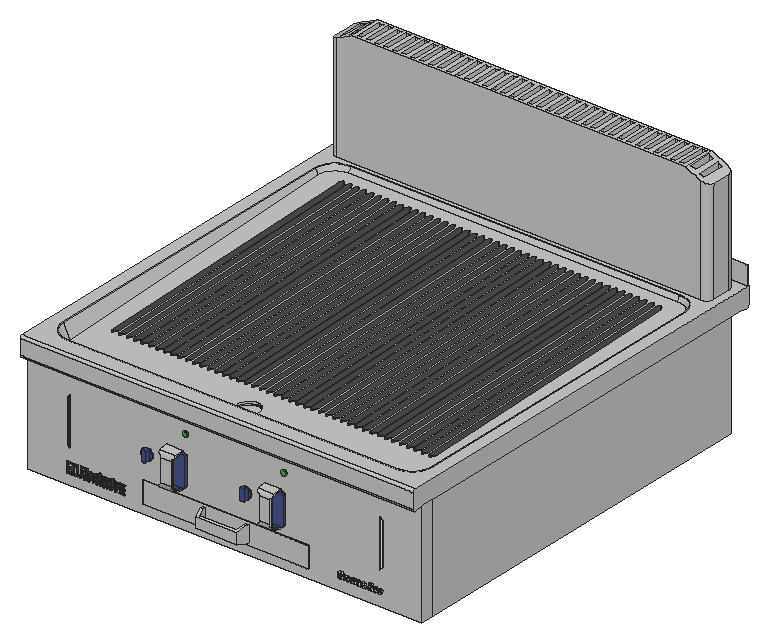
Revit family "QF_ELECTROLUXPROFESSIONAL_588537_MBHNBBHOPO", category Attrezzature speciali, Revit 2020 (continued)
Definition of nested family "Front_Panel_W800_Two Knobs_2Spie_Manop"
  Automatic sketch dimensions
    Extrusion 11 sketch curve to Extrusion 11 sketch curve = 17.627 mm
    Extrusion 11 sketch curve to Extrusion 11 sketch curve = 7.725 mm
    Extrusion 12 sketch curve to plane 7 = 56.635 mm
    level to Extrusion 12 sketch curve = 761.978 mm
    Extrusion 13 sketch curve to plane 7 = 56.635 mm
    level to Extrusion 13 sketch curve = 761.978 mm
    Extrusion 14 sketch curve to Extrusion 14 sketch curve = 0 mm  (x3)
    Extrusion 14 sketch curve to plane 7 = 61.135 mm
    level to Extrusion 14 sketch curve = 751.395 mm
    Extrusion 14 sketch curve to Extrusion 14 sketch curve = 10.583 mm  (x2)
    Extrusion 14 sketch curve to Extrusion 14 sketch curve = 4.5 mm
    plane 3 "Center (Left/Right)" to Extrusion 15 sketch curve = 43.365 mm
    level to Extrusion 15 sketch curve = 761.978 mm
    plane 3 "Center (Left/Right)" to Extrusion 16 sketch curve = 43.365 mm
    level to Extrusion 16 sketch curve = 761.978 mm
    Extrusion 17 sketch curve to Extrusion 17 sketch curve = 0 mm  (x3)
    plane 3 "Center (Left/Right)" to Extrusion 17 sketch curve = 38.865 mm
    level to Extrusion 17 sketch curve = 751.395 mm
    Extrusion 17 sketch curve to Extrusion 17 sketch curve = 10.583 mm  (x2)
    Extrusion 17 sketch curve to Extrusion 17 sketch curve = 4.5 mm
    plane 6 to curve 1 = 0 mm
    curve 10 to plane 8 = 0 mm
    plane 6 to curve 5 = 0 mm
    curve 1 to plane 7 = 66.5 mm
    curve 9 to plane 3 "Center (Left/Right)" = 40.32 mm
    curve 3 to curve 10 = 4.122 mm
    curve 8 to plane 8 = 19.075 mm
    plane 3 "Center (Left/Right)" to curve 8 = 39.357 mm
    curve 7 to curve 4 = 4.122 mm
    plane 12 to curve 2 = 66.5 mm
    curve 4 to curve 7 = 5 mm
    curve 9 to curve 7 = 8.801 mm
    curve 9 to curve 10 = 5.094 mm
    curve 7 to curve 8 = 3.708 mm
    curve 8 to curve 4 = 5.094 mm
    curve 1 to curve 6 = 10 mm
    radius of Extrusion 4 sketch curve = 5 mm
    radius of Extrusion 5 sketch curve = 5 mm
    radius of Extrusion 12 sketch curve = 11.5 mm
    radius of Extrusion 13 sketch curve = 8.098 mm
    radius of Extrusion 15 sketch curve = 11.5 mm
    radius of Extrusion 16 sketch curve = 8.098 mm
  Nested families
    nested 1: "Range Control Handle" at (97.851, -28.137, -209.113) x (-1, 0, 0) z (0, 0, 1), type "Range Control Handle"
    nested 2: "Range Control Handle" at (297.398, -28.137, -209.113), type "Range Control Handle"
    nested 3: "ELX_ThermaLine_Small" at (468.838, -25, 679.426) x (1, 0, 0) z (0, -1, 0), type "ELX_ThermaLine_Small"
      with Show Logo yes, Material_Logo none
    nested 4: "ELX_Professional_Logo_Small" at (-62.89, -25, 681.659) x (1, 0, 0) z (0, -1, 0), type "ELX_Professional_Logo_Small"
      with Show Logo yes, Material_Logo none
  Definition of nested family "Range Control Handle"
    Parameters
      Default Elevation = 0 mm
    Reference planes
      plane 1 "Center (Front/Back)": y = 0
      plane 2: z = 0
      plane 3 "Center (Left/Right)": x = 0
      plane 4: z = 971.092
      plane 5: y = -16.9
    Forms (mm)
      Extrusion 1, solid
        sketch origin (-746.28, 380.497, 208.931) x (-1, 0, 0) y (0, 0, 1)
          loop
            line (-770.101, 786.798) -> (-770.101, 731.649)
            arc (-770.101, 731.649) -> (-769.759, 730.563) -> (-768.855, 729.87) r 1.893
            line (-768.855, 729.87) -> (-763.474, 727.911) -> (-729.81, 727.911) -> (-724.428, 729.87)
            arc (-724.428, 729.87) -> (-723.525, 730.563) -> (-723.183, 731.649) r 1.893
            line (-723.183, 731.649) -> (-723.183, 786.798)
            arc (-723.183, 786.798) -> (-723.529, 787.894) -> (-724.44, 788.593) r 1.91
            line (-724.44, 788.593) -> (-729.683, 790.819) -> (-763.601, 790.819) -> (-768.844, 788.593)
            arc (-768.844, 788.593) -> (-769.755, 787.894) -> (-770.101, 786.798) r 1.91
        from -382.35 to -378.852
      Sweep 2, solid
        path origin (-746.788, 380.496, 208.091) x (0, -1, 0) y (0, 0, 1)
          loop
            line (379.775, 793.281) -> (395.661, 791.048)
            arc (395.661, 791.048) -> (397.781, 787.377) -> (398.517, 783.202) r 12.207
            line (398.517, 783.202) -> (398.517, 737.368)
            arc (398.517, 737.368) -> (397.781, 733.193) -> (395.661, 729.522) r 12.207
            line (395.661, 729.522) -> (379.775, 727.289)
        profile origin (-746.788, -7.222, 1000.256) x (0, -0.139173, 0.990268) y (-1, 0, 0)
          loop
            line (0.782, -763.123) -> (0.782, -730.907) -> (-1.322, -730.907) -> (-1.322, -763.123) -> (0.782, -763.123)
      Sweep 3, solid
        path origin (-746.788, 380.715, 207.832) x (0, -1, 0) y (0, 0, 1)
          loop
            line (380.478, 795.442) -> (397.218, 793.09)
            arc (397.218, 793.09) -> (399.929, 788.473) -> (400.871, 783.202) r 15.207
            line (400.871, 783.202) -> (400.871, 737.584)
            arc (400.871, 737.584) -> (399.914, 732.274) -> (397.164, 727.633) r 15.207
            line (397.164, 727.633) -> (380.601, 725.305)
        profile origin (-746.788, -8.132, 1002.099) x (0, -0.139173, 0.990268) y (-1, 0, 0)
          loop
            line (0.782, -763.123) -> (0.782, -730.907) -> (-1.322, -730.907) -> (-1.322, -763.123) -> (0.782, -763.123)
      Extrusion 4, void
        sketch origin (889.253, 220.666, 207.993) x (1, 0, 0) y (0, 0, 1)
          loop
            line (-943.038, 816.854) -> (-943.038, 703.686) -> (-899.466, 734.196) -> (-899.466, 786.344) -> (-943.038, 816.854)
        from 230.636 to 242.25
      Extrusion 5, void
        sketch origin (-888.8, 220.666, 207.993) x (-1, 0, 0) y (0, 0, -1)
          loop
            line (-943.038, -816.854) -> (-899.466, -786.344) -> (-899.466, -734.196) -> (-943.038, -703.686) -> (-943.038, -816.854)
        from 230.636 to 242.25
      Extrusion 6, solid
        sketch origin (0, 0, 0) x (1, 0, 0) y (0, 0, 1)
          loop
            circle (0, 971.092) r 7.736
        from -3.137 to -1.645
    Cuts and joins
      Extrusion 4, Extrusion 5 cuts Sweep 3
      Extrusion 4, Extrusion 5 cuts Sweep 2
      joined: Extrusion 1, Extrusion 6
    Lines and regions (mm)
      symbolic lines
        curve 1: line (16.334, -16.9, 0) -> (16.334, -19.227, 0)
        curve 2: spline (16.334, -19.227, 0) -> (15.87, -19.385, 0) -> (15.404, -19.536, 0) -> (14.936, -19.678, 0) -> (14.466, -19.813, 0) -> (13.995, -19.94, 0) -> (13.523, -20.059, 0) -> (13.049, -20.171, 0) -> (12.575, -20.274, 0) -> (12.099, -20.37, 0) -> (11.622, -20.458, 0) -> (11.144, -20.537, 0) -> (10.666, -20.609, 0)
        curve 3: line (10.666, -16.9, 0) -> (10.666, -20.938, 0)
        curve 4: line (-10.213, -20.938, 0) -> (10.666, -20.938, 0)
        curve 5: line (-10.213, -20.938, 0) -> (-10.213, -16.9, 0)
        curve 6: spline (-10.213, -20.609, 0) -> (-10.691, -20.537, 0) -> (-11.169, -20.458, 0) -> (-11.646, -20.37, 0) -> (-12.122, -20.274, 0) -> (-12.597, -20.171, 0) -> (-13.07, -20.059, 0) -> (-13.542, -19.94, 0) -> (-14.013, -19.813, 0) -> (-14.483, -19.678, 0) -> (-14.951, -19.536, 0) -> (-15.417, -19.385, 0) -> (-15.881, -19.227, 0)
        curve 7: line (-15.881, -19.227, 0) -> (-15.881, -16.9, 0)
  Definition of nested family "ELX_ThermaLine_Small"
    Parameters
      Show Logo [instance] = yes
      Material_Logo [instance] = none
      Default Elevation = 0 mm
    Reference planes
      plane 1 "Centro (Fronte/Retro)": y = 0
      plane 2: z = 0
      plane 3 "Centro (Sinistra/Destra)": x = 0
    Forms (mm)
      Extrusion 1, solid
        sketch origin (0, 0, 0) x (1, 0, 0) y (0, 1, 0)
          loop
            line (-1219.2, 1219.2) -> (-1219.2, -1219.2) -> (1219.2, -1219.2) -> (1219.2, 1219.2) -> (-1219.2, 1219.2)
        from 0 to -304.8
      Extrusion 2, solid
        sketch origin (0, 0, 0) x (1, 0, 0) y (0, 1, 0)
          loop
            line (-37.494, 1.229) -> (-35.908, 1.229) -> (-35.908, 3.066) -> (-37.494, 3.066) -> (-37.494, 6.221) -> (-39.867, 4.881) -> (-39.867, 3.066) -> (-40.969, 3.066) -> (-40.969, 1.229) -> (-39.867, 1.229) -> (-39.867, -3.407)
            arc (-39.867, -3.407) -> (-38.982, -5.513) -> (-36.751, -6.001) r 2.478
            line (-36.751, -6.001) -> (-35.638, -5.7) -> (-35.9, -3.835) -> (-36.661, -4.039)
            arc (-36.661, -4.039) -> (-37.236, -3.924) -> (-37.494, -3.399) r 0.662
            line (-37.494, -3.399) -> (-37.494, 1.229)
          loop
            line (-34.242, 6.539) -> (-34.242, -5.848) -> (-31.854, -5.848) -> (-31.854, -0.078)
            arc (-31.854, -0.078) -> (-30.939, 1.249) -> (-29.33, 1.367) r 1.866
            arc (-29.33, 1.367) -> (-28.695, 0.768) -> (-28.461, -0.073) r 1.627
            line (-28.461, -0.073) -> (-28.461, -5.848) -> (-26.086, -5.848) -> (-26.064, -0.46)
            arc (-26.064, -0.46) -> (-26.261, 0.932) -> (-26.786, 2.237) r 5.825
            arc (-26.786, 2.237) -> (-29.381, 3.264) -> (-31.854, 1.971) r 3.353
            line (-31.854, 1.971) -> (-31.854, 6.539) -> (-34.242, 6.539)
          loop
            arc (-18.398, -0.598) -> (-18.893, 0.879) -> (-20.326, 1.487) r 1.897
            arc (-20.326, 1.487) -> (-21.461, 0.708) -> (-21.897, -0.598) r 2.164
            line (-21.897, -0.598) -> (-18.398, -0.598)
          loop
            arc (-16.021, -2.044) -> (-16.754, 1.227) -> (-19.444, 3.226) r 4.814
            arc (-19.444, 3.226) -> (-22.137, 2.788) -> (-23.943, 0.743) r 4.054
            arc (-23.943, 0.743) -> (-24.382, -1.249) -> (-24.162, -3.276) r 6.289
            arc (-24.162, -3.276) -> (-23.302, -4.71) -> (-21.958, -5.705) r 4.28
            arc (-21.958, -5.705) -> (-18.558, -5.814) -> (-16.152, -3.409) r 4.28
            line (-16.152, -3.409) -> (-18.5, -2.995)
            arc (-18.5, -2.995) -> (-19.273, -3.994) -> (-20.533, -4.076) r 1.536
            arc (-20.533, -4.076) -> (-21.56, -3.281) -> (-21.958, -2.044) r 2.197
            line (-21.958, -2.044) -> (-16.021, -2.044)
          loop
            line (-14.165, -5.848) -> (-11.819, -5.848) -> (-11.819, -2.138)
            arc (-11.819, -2.138) -> (-11.787, -1.156) -> (-11.637, -0.185) r 8.18
            arc (-11.637, -0.185) -> (-10.644, 0.972) -> (-9.132, 0.776) r 1.603
            line (-9.132, 0.776) -> (-8.419, 2.846)
            arc (-8.419, 2.846) -> (-10.432, 3.118) -> (-11.994, 1.821) r 2.527
            line (-11.994, 1.821) -> (-11.994, 3.094) -> (-14.165, 3.094) -> (-14.165, -5.848)
          loop
            line (-7.579, 3.094) -> (-7.579, -5.848) -> (-5.178, -5.848) -> (-5.178, -0.756)
            arc (-5.178, -0.756) -> (-4.727, 0.679) -> (-3.417, 1.419) r 2.05
            arc (-3.417, 1.419) -> (-2.499, 0.908) -> (-2.155, -0.085) r 1.471
            line (-2.155, -0.085) -> (-2.155, -5.848) -> (0.23, -5.848) -> (0.23, -1.001)
            arc (0.23, -1.001) -> (0.47, 0.127) -> (1.148, 1.061) r 2.775
            arc (1.148, 1.061) -> (2.225, 1.329) -> (3.05, 0.587) r 1.182
            arc (3.05, 0.587) -> (3.199, -0.019) -> (3.214, -0.642) r 2.894
            line (3.214, -0.642) -> (3.214, -5.848) -> (5.601, -5.848) -> (5.601, 0.261)
            arc (5.601, 0.261) -> (4.87, 2.263) -> (2.976, 3.241) r 2.932
            arc (2.976, 3.241) -> (1.284, 2.973) -> (-0.047, 1.896) r 3.309
            arc (-0.047, 1.896) -> (-1.116, 2.865) -> (-2.506, 3.258) r 3.16
            arc (-2.506, 3.258) -> (-4.105, 2.942) -> (-5.376, 1.92) r 3.419
            line (-5.376, 1.92) -> (-5.376, 3.094) -> (-7.579, 3.094)
          loop
            line (7.583, 0.738) -> (9.702, 0.364)
            arc (9.702, 0.364) -> (11.441, 1.492) -> (12.855, -0.023) r 1.613
            line (12.855, -0.023) -> (9.782, -0.789)
            arc (9.782, -0.789) -> (8.559, -1.346) -> (7.617, -2.305) r 3.687
            arc (7.617, -2.305) -> (7.499, -3.681) -> (7.901, -5.003) r 3.651
            arc (7.901, -5.003) -> (9.107, -5.766) -> (10.515, -6.006) r 3.635
            arc (10.515, -6.006) -> (11.898, -5.697) -> (13.067, -4.895) r 3.734
            line (13.067, -4.895) -> (13.376, -5.848) -> (15.75, -5.848) -> (15.212, -4.193) -> (15.212, 0.38)
            arc (15.212, 0.38) -> (14.897, 1.849) -> (13.818, 2.895) r 2.585
            arc (13.818, 2.895) -> (11.792, 3.442) -> (9.719, 3.11) r 5.005
            arc (9.719, 3.11) -> (8.369, 2.178) -> (7.583, 0.738) r 3.54
          loop
            line (19.723, -5.848) -> (22.233, -5.848) -> (24.854, 6.484) -> (22.345, 6.484) -> (19.723, -5.848)
          loop
            line (24.583, -5.848) -> (26.953, -5.848) -> (28.848, 3.066) -> (26.478, 3.066) -> (24.583, -5.848)
          loop
            line (27.204, 6.484) -> (26.741, 4.305) -> (29.111, 4.305) -> (29.575, 6.484) -> (27.204, 6.484)
          loop
            line (29.355, -5.848) -> (31.849, -5.848) -> (33.098, 0.028)
            arc (33.098, 0.028) -> (34.169, 1.306) -> (35.832, 1.422) r 2.132
            arc (35.832, 1.422) -> (36.324, 0.752) -> (36.383, -0.078) r 1.5
            line (36.383, -0.078) -> (35.157, -5.848) -> (37.536, -5.848) -> (38.936, 0.738)
            arc (38.936, 0.738) -> (38.775, 2.091) -> (37.825, 3.066) r 2.118
            arc (37.825, 3.066) -> (35.392, 3.175) -> (33.295, 1.937) r 4.271
            line (33.295, 1.937) -> (33.535, 3.066) -> (31.25, 3.066) -> (29.355, -5.848)
          loop
            line (42.792, -0.64) -> (46.589, -0.64)
            arc (46.589, -0.64) -> (46.639, 0.124) -> (46.327, 0.823) r 1.589
            arc (46.327, 0.823) -> (45.117, 1.521) -> (43.762, 1.183) r 1.865
            arc (43.762, 1.183) -> (43.141, 0.344) -> (42.792, -0.64) r 3.538
          loop
            line (42.565, -2.138) -> (48.593, -2.138)
            arc (48.593, -2.138) -> (48.58, 0.597) -> (46.983, 2.818) r 4.494
            arc (46.983, 2.818) -> (44.191, 3.28) -> (41.725, 1.891) r 4.26
            arc (41.725, 1.891) -> (40.503, -0.3) -> (40.284, -2.799) r 6.003
            arc (40.284, -2.799) -> (40.959, -4.468) -> (42.377, -5.576) r 3.482
            arc (42.377, -5.576) -> (44.265, -5.961) -> (46.152, -5.576) r 4.823
            arc (46.152, -5.576) -> (47.432, -4.731) -> (48.328, -3.485) r 4.245
            line (48.328, -3.485) -> (46.168, -3.105)
            arc (46.168, -3.105) -> (45.214, -4.072) -> (43.859, -4.181) r 1.953
            arc (43.859, -4.181) -> (42.821, -3.408) -> (42.565, -2.138) r 1.81
          loop
            line (12.868, -1.553) -> (10.216, -2.214)
            arc (10.216, -2.214) -> (9.747, -3.136) -> (10.216, -4.058) r 1.14
            arc (10.216, -4.058) -> (11.537, -4.249) -> (12.614, -3.46) r 1.763
            arc (12.614, -3.46) -> (12.858, -2.522) -> (12.868, -1.553) r 3.97
        from 0 to 1.6
    Dimensions and locks
      aligned and locked: plane 2 to Extrusion 1
      aligned and locked: level to Extrusion 1
  Definition of nested family "ELX_Professional_Logo_Small"
    Parameters
      Show Logo [instance] = yes
      Material_Logo [instance] = none
      Default Elevation = 0 mm
    Reference planes
      plane 1 "Centro (Fronte/Retro)": y = 0
      plane 2: z = 0
      plane 3 "Centro (Sinistra/Destra)": x = 0
    Forms (mm)
      Extrusion 1, solid
        sketch origin (0, 0, 0) x (1, 0, 0) y (0, 1, 0)
          loop
            line (-1219.2, 1219.2) -> (-1219.2, -1219.2) -> (1219.2, -1219.2) -> (1219.2, 1219.2) -> (-1219.2, 1219.2)
        from 0 to -304.8
      Extrusion 2, solid, material <- "Material_Logo"
        sketch origin (15.5, 0, 0) x (1, 0, 0) y (0, 1, 0)
          loop
            spline (-42.99, -1.24) -> (-43.195, -1.231) -> (-43.415, -1.203) -> (-43.642, -1.152) -> (-43.87, -1.074) -> (-44.095, -0.966) -> (-44.309, -0.825) -> (-44.506, -0.647) -> (-44.681, -0.429) -> (-44.828, -0.167) -> (-44.94, 0.142) -> (-45.011, 0.501) -> (-45.037, 0.915)
            line (-45.037, 0.915) -> (-45.037, 2.748) -> (-38.984, 2.748) -> (-38.984, 5.086) -> (-45.038, 5.086) -> (-45.038, 8.489) -> (-38.599, 8.489) -> (-38.599, 10.82) -> (-47.515, 10.82) -> (-47.515, 1.021)
            spline (-47.515, 1.021) -> (-47.493, 0.418) -> (-47.425, -0.15) -> (-47.311, -0.682) -> (-47.15, -1.175) -> (-46.939, -1.628) -> (-46.678, -2.038) -> (-46.365, -2.404) -> (-46, -2.723) -> (-45.58, -2.995) -> (-45.105, -3.216) -> (-44.573, -3.385) -> (-43.983, -3.499)
            line (-43.983, -3.499) -> (-43.01, -3.569) -> (-38.426, -3.569) -> (-38.426, -1.24) -> (-42.99, -1.24)
          loop
            line (-36.666, 4.021) -> (-36.666, -3.573) -> (-34.188, -3.573) -> (-34.188, 10.824) -> (-36.666, 10.824) -> (-36.666, 4.021)
          loop
            spline (-21.915, 1.897) -> (-21.957, 2.615) -> (-22.082, 3.303) -> (-22.285, 3.955) -> (-22.563, 4.564) -> (-22.913, 5.124) -> (-23.331, 5.629) -> (-23.814, 6.074) -> (-24.359, 6.451) -> (-24.961, 6.755) -> (-25.618, 6.98) -> (-26.326, 7.119) -> (-27.081, 7.167)
            spline (-27.081, 7.167) -> (-27.853, 7.122) -> (-28.586, 6.99) -> (-29.275, 6.774) -> (-29.915, 6.478) -> (-30.5, 6.104) -> (-31.024, 5.657) -> (-31.483, 5.138) -> (-31.871, 4.553) -> (-32.182, 3.904) -> (-32.411, 3.194) -> (-32.552, 2.427) -> (-32.6, 1.606)
            spline (-32.6, 1.606) -> (-32.553, 0.805) -> (-32.416, 0.057) -> (-32.193, -0.637) -> (-31.887, -1.271) -> (-31.504, -1.843) -> (-31.048, -2.35) -> (-30.523, -2.788) -> (-29.934, -3.154) -> (-29.284, -3.444) -> (-28.579, -3.656) -> (-27.822, -3.785) -> (-27.019, -3.829)
            spline (-27.019, -3.829) -> (-26.627, -3.82) -> (-26.239, -3.79) -> (-25.856, -3.739) -> (-25.477, -3.663) -> (-25.103, -3.562) -> (-24.734, -3.432) -> (-24.369, -3.273) -> (-24.01, -3.082) -> (-23.655, -2.858) -> (-23.305, -2.597) -> (-22.96, -2.299) -> (-22.621, -1.962)
            line (-22.621, -1.962) -> (-24.114, -0.509)
            spline (-24.114, -0.509) -> (-24.311, -0.699) -> (-24.509, -0.872) -> (-24.71, -1.03) -> (-24.915, -1.172) -> (-25.126, -1.297) -> (-25.346, -1.407) -> (-25.576, -1.5) -> (-25.817, -1.576) -> (-26.072, -1.636) -> (-26.342, -1.678) -> (-26.629, -1.704) -> (-26.936, -1.713)
            spline (-26.936, -1.713) -> (-27.384, -1.691) -> (-27.805, -1.625) -> (-28.196, -1.518) -> (-28.556, -1.372) -> (-28.882, -1.187) -> (-29.174, -0.966) -> (-29.429, -0.71) -> (-29.645, -0.422) -> (-29.821, -0.102) -> (-29.955, 0.247) -> (-30.045, 0.623) -> (-30.089, 1.026)
            line (-30.089, 1.026) -> (-21.956, 1.026) -> (-21.915, 1.897)
          loop
            spline (-24.446, 2.769) -> (-24.47, 3.075) -> (-24.54, 3.37) -> (-24.654, 3.65) -> (-24.807, 3.913) -> (-24.996, 4.156) -> (-25.219, 4.376) -> (-25.472, 4.57) -> (-25.753, 4.736) -> (-26.057, 4.869) -> (-26.382, 4.968) -> (-26.724, 5.03) -> (-27.081, 5.051)
            spline (-27.081, 5.051) -> (-27.464, 5.03) -> (-27.832, 4.97) -> (-28.183, 4.872) -> (-28.513, 4.74) -> (-28.819, 4.577) -> (-29.099, 4.384) -> (-29.347, 4.165) -> (-29.563, 3.923) -> (-29.742, 3.659) -> (-29.881, 3.377) -> (-29.977, 3.079) -> (-30.027, 2.769)
            line (-30.027, 2.769) -> (-24.446, 2.769)
          loop
            spline (-18.167, 1.669) -> (-18.138, 2.13) -> (-18.055, 2.567) -> (-17.921, 2.978) -> (-17.739, 3.358) -> (-17.512, 3.705) -> (-17.243, 4.016) -> (-16.937, 4.287) -> (-16.596, 4.517) -> (-16.223, 4.7) -> (-15.823, 4.835) -> (-15.398, 4.919) -> (-14.951, 4.947)
            spline (-14.951, 4.947) -> (-14.677, 4.938) -> (-14.414, 4.913) -> (-14.162, 4.871) -> (-13.921, 4.812) -> (-13.69, 4.738) -> (-13.467, 4.649) -> (-13.254, 4.544) -> (-13.048, 4.424) -> (-12.85, 4.291) -> (-12.659, 4.143) -> (-12.474, 3.981) -> (-12.295, 3.806)
            line (-12.295, 3.806) -> (-10.76, 5.403)
            spline (-10.76, 5.403) -> (-11.065, 5.709) -> (-11.38, 5.984) -> (-11.703, 6.228) -> (-12.035, 6.443) -> (-12.375, 6.63) -> (-12.723, 6.788) -> (-13.078, 6.92) -> (-13.44, 7.026) -> (-13.809, 7.107) -> (-14.184, 7.164) -> (-14.564, 7.198) -> (-14.951, 7.209)
            spline (-14.951, 7.209) -> (-15.725, 7.161) -> (-16.467, 7.02) -> (-17.169, 6.792) -> (-17.826, 6.482) -> (-18.43, 6.096) -> (-18.976, 5.637) -> (-19.455, 5.112) -> (-19.862, 4.525) -> (-20.19, 3.882) -> (-20.433, 3.189) -> (-20.584, 2.449) -> (-20.635, 1.669)
            spline (-20.635, 1.669) -> (-20.584, 0.889) -> (-20.433, 0.149) -> (-20.19, -0.545) -> (-19.862, -1.187) -> (-19.455, -1.774) -> (-18.976, -2.299) -> (-18.43, -2.758) -> (-17.826, -3.145) -> (-17.169, -3.454) -> (-16.467, -3.682) -> (-15.725, -3.823) -> (-14.951, -3.871)
            spline (-14.951, -3.871) -> (-14.564, -3.86) -> (-14.184, -3.826) -> (-13.809, -3.77) -> (-13.44, -3.689) -> (-13.078, -3.583) -> (-12.723, -3.451) -> (-12.375, -3.292) -> (-12.035, -3.105) -> (-11.703, -2.89) -> (-11.38, -2.646) -> (-11.065, -2.371) -> (-10.76, -2.066)
            line (-10.76, -2.066) -> (-12.295, -0.468)
            spline (-12.295, -0.468) -> (-12.474, -0.643) -> (-12.659, -0.805) -> (-12.85, -0.953) -> (-13.048, -1.087) -> (-13.254, -1.206) -> (-13.467, -1.311) -> (-13.69, -1.4) -> (-13.921, -1.475) -> (-14.162, -1.533) -> (-14.414, -1.575) -> (-14.677, -1.6) -> (-14.951, -1.609)
            spline (-14.951, -1.609) -> (-15.398, -1.581) -> (-15.823, -1.497) -> (-16.223, -1.362) -> (-16.596, -1.179) -> (-16.937, -0.95) -> (-17.243, -0.678) -> (-17.512, -0.367) -> (-17.739, -0.02) -> (-17.921, 0.36) -> (-18.055, 0.771) -> (-18.138, 1.208) -> (-18.167, 1.669)
          loop
            spline (-4.441, -1.243) -> (-4.659, -1.247) -> (-4.894, -1.23) -> (-5.137, -1.19) -> (-5.384, -1.121) -> (-5.628, -1.021) -> (-5.864, -0.884) -> (-6.084, -0.708) -> (-6.283, -0.488) -> (-6.454, -0.219) -> (-6.592, 0.101) -> (-6.69, 0.478) -> (-6.742, 0.914)
            line (-6.742, 0.914) -> (-6.742, 4.587) -> (-4.487, 4.587) -> (-4.487, 6.838) -> (-6.738, 6.838) -> (-6.738, 10.824) -> (-9.217, 10.824) -> (-9.217, 0.773)
            spline (-9.217, 0.773) -> (-9.164, 0.19) -> (-9.068, -0.358) -> (-8.928, -0.87) -> (-8.742, -1.343) -> (-8.511, -1.777) -> (-8.232, -2.168) -> (-7.904, -2.515) -> (-7.527, -2.816) -> (-7.098, -3.069) -> (-6.618, -3.273) -> (-6.084, -3.426) -> (-5.496, -3.525)
            line (-5.496, -3.525) -> (-4.45, -3.573) -> (-4.441, -1.243)
          loop
            spline (3.898, 6.983) -> (3.469, 7.009) -> (3.056, 7.001) -> (2.661, 6.961) -> (2.283, 6.888) -> (1.925, 6.785) -> (1.588, 6.652) -> (1.272, 6.49) -> (0.979, 6.301) -> (0.71, 6.085) -> (0.465, 5.844) -> (0.247, 5.578) -> (0.056, 5.289)
            line (0.056, 5.289) -> (0.056, 6.838) -> (-2.402, 6.838) -> (-2.402, -3.572) -> (0.056, -3.572) -> (0.056, 1.901)
            spline (0.056, 1.901) -> (0.079, 2.316) -> (0.145, 2.703) -> (0.254, 3.06) -> (0.404, 3.386) -> (0.592, 3.679) -> (0.818, 3.938) -> (1.08, 4.162) -> (1.375, 4.348) -> (1.703, 4.495) -> (2.062, 4.602) -> (2.45, 4.668) -> (2.865, 4.69)
            line (2.865, 4.69) -> (3.898, 4.586) -> (3.898, 6.983)
          loop
            spline (15.638, 1.633) -> (15.586, 2.396) -> (15.435, 3.124) -> (15.192, 3.81) -> (14.863, 4.449) -> (14.455, 5.034) -> (13.975, 5.56) -> (13.43, 6.021) -> (12.826, 6.411) -> (12.17, 6.724) -> (11.469, 6.955) -> (10.729, 7.098) -> (9.958, 7.147)
            spline (9.958, 7.147) -> (9.182, 7.098) -> (8.44, 6.955) -> (7.737, 6.724) -> (7.081, 6.411) -> (6.477, 6.021) -> (5.933, 5.56) -> (5.454, 5.034) -> (5.048, 4.449) -> (4.721, 3.81) -> (4.479, 3.124) -> (4.329, 2.396) -> (4.277, 1.633)
            spline (4.277, 1.633) -> (4.329, 0.869) -> (4.479, 0.141) -> (4.721, -0.544) -> (5.048, -1.183) -> (5.454, -1.768) -> (5.933, -2.294) -> (6.477, -2.755) -> (7.081, -3.145) -> (7.737, -3.459) -> (8.44, -3.69) -> (9.182, -3.833) -> (9.958, -3.882)
            spline (9.958, -3.882) -> (10.729, -3.833) -> (11.469, -3.69) -> (12.17, -3.459) -> (12.826, -3.145) -> (13.43, -2.755) -> (13.975, -2.294) -> (14.455, -1.768) -> (14.863, -1.183) -> (15.192, -0.544) -> (15.435, 0.141) -> (15.586, 0.869) -> (15.638, 1.633)
          loop
            spline (13.18, 1.633) -> (13.151, 2.083) -> (13.067, 2.513) -> (12.932, 2.918) -> (12.748, 3.296) -> (12.52, 3.642) -> (12.251, 3.954) -> (11.943, 4.227) -> (11.601, 4.459) -> (11.228, 4.645) -> (10.828, 4.782) -> (10.403, 4.867) -> (9.958, 4.896)
            spline (9.958, 4.896) -> (9.509, 4.867) -> (9.081, 4.782) -> (8.679, 4.645) -> (8.306, 4.459) -> (7.964, 4.227) -> (7.658, 3.954) -> (7.39, 3.642) -> (7.163, 3.296) -> (6.981, 2.918) -> (6.847, 2.513) -> (6.765, 2.083) -> (6.736, 1.633)
            spline (6.736, 1.633) -> (6.765, 1.182) -> (6.847, 0.753) -> (6.981, 0.347) -> (7.163, -0.031) -> (7.39, -0.377) -> (7.658, -0.689) -> (7.964, -0.962) -> (8.306, -1.193) -> (8.679, -1.38) -> (9.081, -1.517) -> (9.509, -1.602) -> (9.958, -1.631)
            spline (9.958, -1.631) -> (10.403, -1.602) -> (10.828, -1.517) -> (11.228, -1.38) -> (11.601, -1.193) -> (11.943, -0.962) -> (12.251, -0.689) -> (12.52, -0.377) -> (12.748, -0.031) -> (12.932, 0.347) -> (13.067, 0.753) -> (13.151, 1.182) -> (13.18, 1.633)
          loop
            line (17.162, 4.269) -> (17.162, -3.573) -> (19.642, -3.573) -> (19.642, 10.824) -> (17.162, 10.824) -> (17.162, 4.269)
          loop
            line (28.581, 6.838) -> (28.581, 0.786)
            spline (28.581, 0.786) -> (28.561, 0.393) -> (28.503, 0.038) -> (28.409, -0.279) -> (28.281, -0.559) -> (28.122, -0.802) -> (27.933, -1.011) -> (27.717, -1.185) -> (27.476, -1.325) -> (27.213, -1.433) -> (26.929, -1.509) -> (26.626, -1.554) -> (26.308, -1.569)
            spline (26.308, -1.569) -> (25.99, -1.554) -> (25.688, -1.509) -> (25.404, -1.434) -> (25.141, -1.326) -> (24.9, -1.187) -> (24.684, -1.014) -> (24.496, -0.807) -> (24.336, -0.565) -> (24.209, -0.288) -> (24.115, 0.026) -> (24.057, 0.376) -> (24.037, 0.765)
            line (24.037, 0.765) -> (24.037, 6.838) -> (21.537, 6.838) -> (21.537, 0.558)
            spline (21.537, 0.558) -> (21.581, -0.153) -> (21.71, -0.8) -> (21.916, -1.384) -> (22.195, -1.904) -> (22.54, -2.362) -> (22.944, -2.757) -> (23.403, -3.09) -> (23.909, -3.362) -> (24.456, -3.572) -> (25.04, -3.722) -> (25.652, -3.811) -> (26.288, -3.841)
            spline (26.288, -3.841) -> (26.929, -3.811) -> (27.547, -3.72) -> (28.135, -3.568) -> (28.687, -3.355) -> (29.197, -3.079) -> (29.66, -2.741) -> (30.068, -2.341) -> (30.415, -1.877) -> (30.696, -1.349) -> (30.905, -0.757) -> (31.034, -0.101) -> (31.079, 0.621)
            line (31.079, 0.621) -> (31.079, 6.838) -> (28.581, 6.838)
          loop
            line (40.457, -0.243) -> (38.894, 1.942) -> (40.83, 4.579) -> (42.488, 6.837) -> (39.782, 6.837) -> (37.53, 3.719) -> (35.258, 6.837) -> (32.573, 6.837) -> (34.113, 4.731) -> (36.167, 1.922) -> (34.014, -1.076) -> (32.222, -3.573) -> (34.887, -3.573) -> (37.53, 0.104) -> (40.174, -3.573) -> (42.839, -3.573) -> (40.457, -0.243)
          loop
            line (-46.121, -5.837) -> (-48.039, -5.837) -> (-48.039, -10.814) -> (-47.016, -10.814) -> (-47.016, -9.128) -> (-46.121, -9.128)
            arc (-46.121, -9.128) -> (-44.476, -7.482) -> (-46.121, -5.837) r 1.645
          loop
            line (-46.163, -6.778) -> (-47.016, -6.778) -> (-47.016, -8.187) -> (-46.163, -8.187)
            arc (-46.163, -8.187) -> (-45.458, -7.482) -> (-46.163, -6.778) r 0.704
          loop
            line (-38.313, -5.837) -> (-40.265, -5.837) -> (-40.265, -10.814) -> (-39.241, -10.814) -> (-39.241, -9.1) -> (-38.46, -9.182) -> (-37.48, -10.814) -> (-36.318, -10.814) -> (-37.513, -8.848)
            arc (-37.513, -8.848) -> (-36.888, -8.266) -> (-36.671, -7.441) r 1.536
            arc (-36.671, -7.441) -> (-37.165, -6.305) -> (-38.313, -5.837) r 1.643
          loop
            arc (-38.402, -8.166) -> (-37.707, -7.505) -> (-38.334, -6.778) r 0.696
            line (-38.334, -6.778) -> (-39.241, -6.778) -> (-39.241, -8.166) -> (-38.402, -8.166)
          loop
            circle (-29.965, -8.325) r 2.585
          loop
            circle (-29.965, -8.325) r 1.64
          loop
            line (-23.1, -5.837) -> (-23.1, -10.814) -> (-22.076, -10.814) -> (-22.076, -8.768) -> (-20.204, -8.768) -> (-20.204, -7.828) -> (-22.076, -7.828) -> (-22.076, -6.778) -> (-20.024, -6.778) -> (-20.024, -5.837) -> (-23.1, -5.837)
          loop
            line (-15.802, -5.837) -> (-15.802, -9.2)
            arc (-15.802, -9.2) -> (-15.343, -10.34) -> (-14.209, -10.814) r 1.593
            line (-14.209, -10.814) -> (-12.602, -10.814) -> (-12.602, -10.027) -> (-14.004, -10.027)
            arc (-14.004, -10.027) -> (-14.552, -9.8) -> (-14.779, -9.252) r 0.775
            line (-14.779, -9.252) -> (-14.779, -8.424) -> (-12.789, -8.424) -> (-12.789, -7.642) -> (-14.779, -7.642) -> (-14.779, -6.778) -> (-12.651, -6.778) -> (-12.651, -5.837) -> (-15.802, -5.837)
          loop
            line (-5.909, -7.143) -> (-5.173, -6.638)
            arc (-5.173, -6.638) -> (-5.855, -5.974) -> (-6.781, -5.755) r 1.782
            arc (-6.781, -5.755) -> (-7.397, -5.878) -> (-7.944, -6.189) r 1.974
            arc (-7.944, -6.189) -> (-8.202, -6.5) -> (-8.317, -6.888) r 1.013
            arc (-8.317, -6.888) -> (-8.306, -7.341) -> (-8.192, -7.78) r 1.985
            arc (-8.192, -7.78) -> (-7.749, -8.259) -> (-7.171, -8.563) r 1.928
            arc (-7.171, -8.563) -> (-6.637, -8.779) -> (-6.131, -9.056) r 5.041
            arc (-6.131, -9.056) -> (-5.934, -9.387) -> (-6.09, -9.74) r 0.42
            arc (-6.09, -9.74) -> (-6.631, -9.96) -> (-7.204, -9.845) r 1.016
            arc (-7.204, -9.845) -> (-7.625, -9.603) -> (-7.889, -9.196) r 1.033
            line (-7.889, -9.196) -> (-8.67, -9.686)
            arc (-8.67, -9.686) -> (-8.361, -10.198) -> (-7.908, -10.589) r 1.914
            arc (-7.908, -10.589) -> (-7.334, -10.834) -> (-6.714, -10.896) r 2.063
            arc (-6.714, -10.896) -> (-5.947, -10.743) -> (-5.256, -10.376) r 2.696
            arc (-5.256, -10.376) -> (-4.95, -9.565) -> (-5.108, -8.712) r 1.618
            arc (-5.108, -8.712) -> (-5.448, -8.319) -> (-5.884, -8.035) r 1.876
            arc (-5.884, -8.035) -> (-6.434, -7.789) -> (-6.999, -7.577) r 9.883
            arc (-6.999, -7.577) -> (-7.325, -7.07) -> (-6.854, -6.694) r 0.45
            arc (-6.854, -6.694) -> (-6.329, -6.809) -> (-5.909, -7.143) r 1.197
          loop
            line (1.61, -7.143) -> (2.345, -6.638)
            arc (2.345, -6.638) -> (1.663, -5.974) -> (0.737, -5.755) r 1.782
            arc (0.737, -5.755) -> (0.121, -5.878) -> (-0.425, -6.189) r 1.974
            arc (-0.425, -6.189) -> (-0.683, -6.5) -> (-0.799, -6.888) r 1.013
            arc (-0.799, -6.888) -> (-0.788, -7.341) -> (-0.674, -7.78) r 1.985
            arc (-0.674, -7.78) -> (-0.231, -8.259) -> (0.347, -8.563) r 1.928
            arc (0.347, -8.563) -> (0.881, -8.779) -> (1.387, -9.056) r 5.041
            arc (1.387, -9.056) -> (1.584, -9.387) -> (1.428, -9.74) r 0.42
            arc (1.428, -9.74) -> (0.887, -9.96) -> (0.314, -9.845) r 1.016
            arc (0.314, -9.845) -> (-0.107, -9.603) -> (-0.371, -9.196) r 1.033
            line (-0.371, -9.196) -> (-1.152, -9.686)
            arc (-1.152, -9.686) -> (-0.842, -10.198) -> (-0.39, -10.589) r 1.914
            arc (-0.39, -10.589) -> (0.184, -10.834) -> (0.804, -10.896) r 2.063
            arc (0.804, -10.896) -> (1.572, -10.743) -> (2.263, -10.376) r 2.696
            arc (2.263, -10.376) -> (2.568, -9.565) -> (2.411, -8.712) r 1.618
            arc (2.411, -8.712) -> (2.07, -8.319) -> (1.635, -8.035) r 1.876
            arc (1.635, -8.035) -> (1.084, -7.789) -> (0.519, -7.577) r 9.883
            arc (0.519, -7.577) -> (0.193, -7.07) -> (0.665, -6.694) r 0.45
            arc (0.665, -6.694) -> (1.189, -6.809) -> (1.61, -7.143) r 1.197
          loop
            line (6.801, -5.837) -> (6.801, -10.814) -> (7.825, -10.814) -> (7.825, -5.837) -> (6.801, -5.837)
          loop
            circle (14.724, -8.325) r 1.548
          loop
            circle (14.724, -8.325) r 2.585
          loop
            line (21.59, -10.814) -> (22.623, -10.814) -> (22.623, -7.685) -> (24.9, -10.814) -> (25.895, -10.814) -> (25.895, -5.837) -> (24.861, -5.837) -> (24.861, -9.061) -> (22.585, -5.837) -> (21.59, -5.837) -> (21.59, -10.814)
          loop
            line (31.054, -10.814) -> (31.539, -9.74) -> (33.38, -9.74) -> (33.865, -10.814) -> (34.965, -10.814) -> (32.46, -5.837) -> (29.956, -10.814) -> (31.054, -10.814)
          loop
            line (32.46, -7.698) -> (31.999, -8.719) -> (32.921, -8.719) -> (32.46, -7.698)
          loop
            line (40.047, -9.873) -> (40.047, -5.837) -> (39.024, -5.837) -> (39.024, -10.814) -> (41.961, -10.814) -> (41.961, -9.873) -> (40.047, -9.873)
          loop
            line (-74.986, -10.814) -> (-53.322, -10.814) -> (-53.322, 10.82) -> (-74.986, 10.82) -> (-74.986, -10.814)
          loop
            line (-61.261, 9.758) -> (-61.261, -9.707)
            arc (-61.261, -9.707) -> (-54.066, 0.025) -> (-61.261, 9.758) r 10.18
          loop
            line (-62.251, 8.349) -> (-62.251, 9.758)
            arc (-62.251, 9.758) -> (-70.347, 7.918) -> (-74.247, 0.59) r 9.976
            line (-74.247, 0.59) -> (-71.026, 0.59)
            arc (-71.026, 0.59) -> (-65.274, 2.925) -> (-62.251, 8.349) r 9.351
          loop
            arc (-74.247, -0.539) -> (-70.353, -7.928) -> (-62.251, -9.957) r 10.237
            line (-62.251, -9.957) -> (-62.251, -8.298)
            arc (-62.251, -8.298) -> (-65.274, -2.874) -> (-71.026, -0.539) r 9.351
            line (-71.026, -0.539) -> (-74.247, -0.539)
        from 0 to 1.644
    Dimensions and locks
      aligned and locked: plane 2 to Extrusion 1
      aligned and locked: level to Extrusion 1
Definition of nested family "Rib_D12"
  Parameters
    Show Clearance [instance] = yes
    Model = ""
    Lenght [instance] = 588 mm
    Default Elevation = 0 mm
  Reference planes
    plane 1 "Center (Front/Back)": y = -11.07
    plane 2: z = 0
    plane 3 "Center (Left/Right)": x = 0
    plane 4 "Back": y = 282.93
    plane 5 "Front": y = -305.07
  Forms (mm)
    Extrusion 1, solid
      sketch origin (0, -919.2, 0) x (1, 0, 0) y (0, 1, 0)
        loop
          line (-198.75, 1399.2) -> (-198.75, 386.445) -> (165.741, 386.445) -> (165.741, 1399.2) -> (-198.75, 1399.2)
      from 0 to -59.546
    Extrusion 2, solid
      sketch origin (0, -11.07, -267.484) x (1, 0, 0) y (0, 0, 1)
        loop
          line (-6, 267.484) -> (6, 267.484)
          arc (6, 267.484) -> (0, 269.184) -> (-6, 267.484) r 11.438
      from -294 to 294
    Extrusion 3, void
      sketch origin (0, 0, 0) x (1, 0, 0) y (0, 1, 0)
        loop
          line (-6, 274.93) -> (-2.484, 281.02)
          arc (-2.484, 281.02) -> (0, 282.454) -> (2.484, 281.02) r 2.868
          line (2.484, 281.02) -> (6, 274.93) -> (6, 282.93) -> (-6, 282.93) -> (-6, 274.93)
        loop
          line (-6, -297.07) -> (-6, -305.07) -> (6, -305.07) -> (6, -297.07) -> (2.484, -303.16)
          arc (2.484, -303.16) -> (0, -304.594) -> (-2.484, -303.16) r 2.868
          line (-2.484, -303.16) -> (-6, -297.07)
      from 0 to 2
  Cuts and joins
    Extrusion 3 cuts Extrusion 2
  Lines and regions (mm)
    symbolic lines
      curve 1: line (64.247, -11.07, 0) -> (64.247, -11.07, 4)
      curve 2: line (64.247, -11.07, 4) -> (-64.765, -11.07, 4)
      curve 3: line (-64.765, -11.07, 4) -> (-64.765, -11.07, 0)
      curve 4: line (-40, -11.07, 8) -> (-40, -11.07, 4)
      curve 5: line (40, -11.07, 8) -> (40, -11.07, 4)
      curve 6: line (40, -11.07, 8) -> (-40, -11.07, 8)
      curve 7: line (6, -297.07, 0) -> (6, 274.93, 0)
      curve 8: line (-6, 274.93, 0) -> (-6, -297.07, 0)
      curve 9: line (-6, 274.93, 0) -> (-2.484, 281.02, 0)
      curve 10: line (2.484, 281.02, 0) -> (6, 274.93, 0)
      curve 11: arc (-2.484, 281.02, 0) -> (0, 282.454, 0) -> (2.484, 281.02, 0) r 2.868
      curve 12: line (-2.484, -303.16, 0) -> (-6, -297.07, 0)
      curve 13: arc (2.484, -303.16, 0) -> (0, -304.594, 0) -> (-2.484, -303.16, 0) r 2.868
      curve 14: line (6, -297.07, 0) -> (2.484, -303.16, 0)
  Dimensions and locks
    "Lenght": plane 4 "Back" to plane 5 "Front"
    equal spacing: plane 4 "Back", plane 1 "Center (Front/Back)", plane 5 "Front"
    aligned and locked: plane 2 to Extrusion 1
    aligned and locked: level to Extrusion 1
    aligned and locked: plane 4 "Back" to Extrusion 2
    aligned and locked: Extrusion 2 to plane 5 "Front"
  Automatic sketch dimensions
    curve 3 to level = 0 mm
    curve 1 to level = 0 mm
    level to curve 3 = 4 mm
    curve 3 to plane 3 "Center (Left/Right)" = 64.765 mm
    level to curve 6 = 8 mm
    curve 2 to curve 6 = 24.765 mm
    plane 3 "Center (Left/Right)" to curve 5 = 40 mm
    curve 5 to curve 1 = 24.247 mm
    Extrusion 1 sketch curve to Extrusion 1 sketch curve = 364.491 mm
    Extrusion 1 sketch curve to Extrusion 1 sketch curve = 1012.755 mm
    Extrusion 3 sketch curve to plane 3 "Center (Left/Right)" = 0 mm  (x2)
    Extrusion 3 sketch curve to plane 3 "Center (Left/Right)" = 2.484 mm  (x2)
    Extrusion 3 sketch curve to plane 3 "Center (Left/Right)" = 6 mm
    Extrusion 3 sketch curve to Extrusion 3 sketch curve = 3.516 mm  (x2)
    plane 3 "Center (Left/Right)" to Extrusion 3 sketch curve = 2.484 mm  (x2)
    plane 3 "Center (Left/Right)" to Extrusion 3 sketch curve = 6 mm
    plane 5 "Front" to Extrusion 3 sketch curve = 0 mm
    Extrusion 3 sketch curve to Extrusion 3 sketch curve = 1.91 mm  (x2)
    Extrusion 3 sketch curve to Extrusion 3 sketch curve = 1.434 mm  (x2)
    Extrusion 3 sketch curve to Extrusion 3 sketch curve = 6.09 mm  (x2)
    Extrusion 3 sketch curve to plane 4 "Back" = 8 mm
    Extrusion 3 sketch curve to Extrusion 3 sketch curve = 0 mm
    Extrusion 3 sketch curve to Extrusion 3 sketch curve = 4.656 mm
    curve 9 to plane 3 "Center (Left/Right)" = 6 mm
    curve 8 to plane 4 "Back" = 8 mm
    curve 9 to plane 3 "Center (Left/Right)" = 2.484 mm
    plane 3 "Center (Left/Right)" to curve 7 = 6 mm
    plane 5 "Front" to curve 8 = 8 mm
    plane 5 "Front" to curve 7 = 8 mm
    curve 7 to plane 4 "Back" = 8 mm
    curve 9 to plane 4 "Back" = 1.91 mm
    plane 3 "Center (Left/Right)" to curve 10 = 2.484 mm
    curve 10 to plane 4 "Back" = 1.91 mm
    curve 11 to curve 9 = 1.434 mm
    curve 12 to plane 3 "Center (Left/Right)" = 2.484 mm
    plane 5 "Front" to curve 12 = 1.91 mm
    curve 13 to plane 3 "Center (Left/Right)" = 0 mm
    curve 13 to curve 13 = 1.434 mm
    plane 5 "Front" to curve 13 = 1.91 mm
    Extrusion 2 sketch curve to plane 3 "Center (Left/Right)" = 0 mm
    Extrusion 2 sketch curve to plane 3 "Center (Left/Right)" = 6 mm
    Extrusion 2 sketch curve to level = 9.738 mm
    Extrusion 2 sketch curve to Extrusion 2 sketch curve = 9.738 mm
